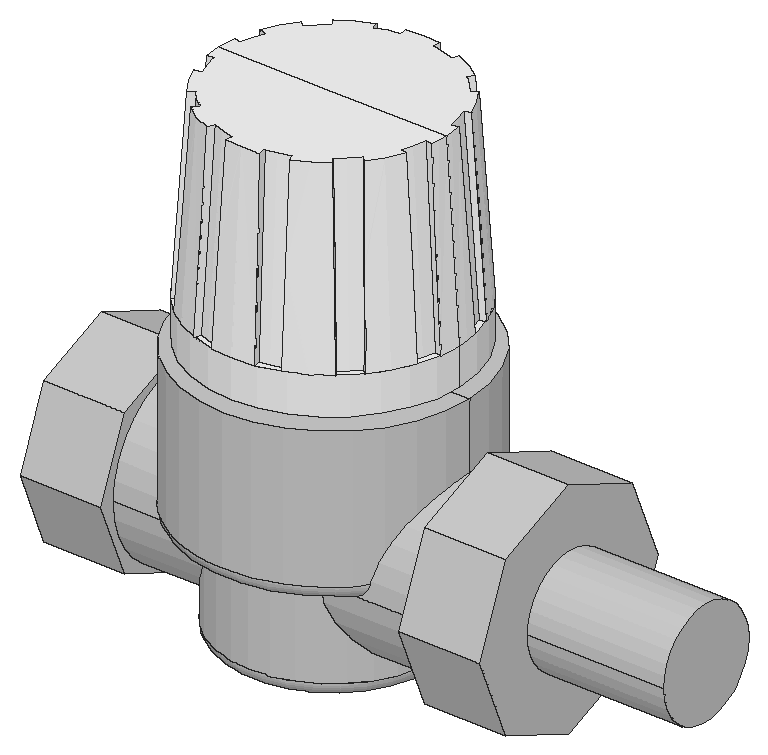
Revit family "PA_Арматура трубопроводов [клапан термостатический прямой, VT.034.N]1 - VALTEC", category Арматура трубопроводов, Revit 2018
Family settings
  Размер круглого соединителя = Использовать диаметр
  Тип детали = Вставляется
  На основе рабочей плоскости = Нет
  Всегда вертикально = Да
  При загрузке вырезать с полостями = Нет
  Общий = Нет
Parameters (values of type "VT.034.N")
  Таблица 2 = "PA_Арматура трубопроводов [клапан термостатический прямой, VT.034.N] - VALTEC - Таблица 2"  # constant formula
  Таблица 1 = "PA_Арматура трубопроводов [клапан термостатический прямой, VT.034.N] - VALTEC - Таблица 1"  # constant formula
  Материал доп.1 = Черный - VALTEC
  Изготовитель = "VALTEC"  # constant formula
  Головка термостатическая [instance] = Колпачок : Колпачок
  r [instance] = size_lookup(Таблица 1, "r", 0 mm, D1)  # 2 mm
  a6 [instance] = size_lookup(Таблица 1, "a6", 0 mm, D1)  # 10.6 mm
  a5 [instance] = size_lookup(Таблица 1, "a5", 0 mm, D1)  # 8.9 mm
  MM_Геометрия [instance] = if(Головка термостатическая = [1!!!НЕ ИЗМЕНЯТЬ!!!], MM_1!!!НЕ ИЗМЕНЯТЬ!!!, if(Головка термостатическая = [2!!!НЕ ИЗМЕНЯТЬ!!!], MM_2!!!НЕ ИЗМЕНЯТЬ!!!, if(Головка термостатическая = [3!!!НЕ ИЗМЕНЯТЬ!!!], MM_3!!!НЕ ИЗМЕНЯТЬ!!!, if(Головка термостатическая = [4!!!НЕ ИЗМЕНЯТЬ!!!], MM_4!!!НЕ ИЗМЕНЯТЬ!!!, if(Головка термостатическая = [5!!!НЕ ИЗМЕНЯТЬ!!!], MM_4!!!НЕ ИЗМЕНЯТЬ!!!, if(Головка термостатическая = [6!!!НЕ ИЗМЕНЯТЬ!!!], MM_5!!!НЕ ИЗМЕНЯТЬ!!!, if(Головка термостатическая = [7!!!НЕ ИЗМЕНЯТЬ!!!], MM_6!!!НЕ ИЗМЕНЯТЬ!!!, if(Головка термостатическая = [8!!!НЕ ИЗМЕНЯТЬ!!!], MM_6!!!НЕ ИЗМЕНЯТЬ!!!, if(Головка термостатическая = [9!!!НЕ ИЗМЕНЯТЬ!!!], MM_6!!!НЕ ИЗМЕНЯТЬ!!!, if(Головка термостатическая = [10!!!НЕ ИЗМЕНЯТЬ!!!], MM_6!!!НЕ ИЗМЕНЯТЬ!!!, if(Головка термостатическая = [11!!!НЕ ИЗМЕНЯТЬ!!!], MM_7!!!НЕ ИЗМЕНЯТЬ!!!, if(Головка термостатическая = [12!!!НЕ ИЗМЕНЯТЬ!!!], MM_7!!!НЕ ИЗМЕНЯТЬ!!!, if(Головка термостатическая = [13!!!НЕ ИЗМЕНЯТЬ!!!], MM_7!!!НЕ ИЗМЕНЯТЬ!!!, MM_8!!!НЕ ИЗМЕНЯТЬ!!!)))))))))))))  # MM_Обобщенные модели [колпачок, VT.033.N] - VALTEC : VT.TE3042.0
  MM_8!!!НЕ ИЗМЕНЯТЬ!!! = MM_Обобщенные модели [колпачок, VT.033.N] - VALTEC : VT.TE3042.0
  MM_7!!!НЕ ИЗМЕНЯТЬ!!! = MM_Обобщенные модели [сервопривод электрический, VT.TE3042] - VALTEC : VT.TE3042.0
  MM_6!!!НЕ ИЗМЕНЯТЬ!!! = MM_Обобщенные модели [сервопривод электрический, VT.TE3040] - VALTEC : VT.TE3040
  MM_5!!!НЕ ИЗМЕНЯТЬ!!! = MM_Обобщенные модели [cервопривод EQUICALOR, VT.AS1000] - VALTEC : VT.AS1000
  MM_4!!!НЕ ИЗМЕНЯТЬ!!! = MM_Обобщенные модели [головка термостатическая жидкостная, VT.5000.0] - VALTEC : VT.5000.0 - VT.5010.0
  MM_3!!!НЕ ИЗМЕНЯТЬ!!! = MM_Обобщенные модели [головка термостатическая жидкостная, VT.3000.0] - VALTEC : VT.3000.0
  MM_2!!!НЕ ИЗМЕНЯТЬ!!! = MM_Обобщенные модели [головка термостатическая жидкостная, VT.1500.0] - VALTEC : VT.1500.0
  MM_1!!!НЕ ИЗМЕНЯТЬ!!! = MM_Обобщенные модели [головка термостатическая твердотельная, VT.1000.0] - VALTEC : VT.1000.0
  ME_Информация [instance] = if(Головка термостатическая = [1!!!НЕ ИЗМЕНЯТЬ!!!], ME_1!!!НЕ ИЗМЕНЯТЬ!!!, if(Головка термостатическая = [2!!!НЕ ИЗМЕНЯТЬ!!!], ME_2!!!НЕ ИЗМЕНЯТЬ!!!, if(Головка термостатическая = [3!!!НЕ ИЗМЕНЯТЬ!!!], ME_3!!!НЕ ИЗМЕНЯТЬ!!!, if(Головка термостатическая = [4!!!НЕ ИЗМЕНЯТЬ!!!], ME_4!!!НЕ ИЗМЕНЯТЬ!!!, if(Головка термостатическая = [5!!!НЕ ИЗМЕНЯТЬ!!!], ME_5!!!НЕ ИЗМЕНЯТЬ!!!, if(Головка термостатическая = [6!!!НЕ ИЗМЕНЯТЬ!!!], ME_6!!!НЕ ИЗМЕНЯТЬ!!!, if(Головка термостатическая = [7!!!НЕ ИЗМЕНЯТЬ!!!], ME_7!!!НЕ ИЗМЕНЯТЬ!!!, if(Головка термостатическая = [8!!!НЕ ИЗМЕНЯТЬ!!!], ME_8!!!НЕ ИЗМЕНЯТЬ!!!, if(Головка термостатическая = [9!!!НЕ ИЗМЕНЯТЬ!!!], ME_9!!!НЕ ИЗМЕНЯТЬ!!!, if(Головка термостатическая = [10!!!НЕ ИЗМЕНЯТЬ!!!], ME_10!!!НЕ ИЗМЕНЯТЬ!!!, if(Головка термостатическая = [11!!!НЕ ИЗМЕНЯТЬ!!!], ME_11!!!НЕ ИЗМЕНЯТЬ!!!, if(Головка термостатическая = [12!!!НЕ ИЗМЕНЯТЬ!!!], ME_12!!!НЕ ИЗМЕНЯТЬ!!!, if(Головка термостатическая = [13!!!НЕ ИЗМЕНЯТЬ!!!], ME_13!!!НЕ ИЗМЕНЯТЬ!!!, ME_14!!!НЕ ИЗМЕНЯТЬ!!!)))))))))))))  # ME_Оборудование [колпачек] - VALTEC : ME_Оборудование [колпачек] - VALTEC
  ME_9!!!НЕ ИЗМЕНЯТЬ!!! = ME_Оборудование [сервопривод электрический, VT.TE3041.0.024] - VALTEC : ME_Оборудование [сервопривод электрический, VT.TE3041.0.024] - VALTEC
  ME_8!!!НЕ ИЗМЕНЯТЬ!!! = ME_Оборудование [сервопривод электрический, VT.TE3040.A.220] - VALTEC : ME_Оборудование [сервопривод электрический, VT.TE3040.A.220] - VALTEC
  ME_7!!!НЕ ИЗМЕНЯТЬ!!! = ME_Оборудование [сервопривод электрический, VT.TE3040.0.220] - VALTEC : ME_Оборудование [сервопривод электрический, VT.TE3040.0.220] - VALTEC
  ME_6!!!НЕ ИЗМЕНЯТЬ!!! = ME_Оборудование [cервопривод EQUICALOR, VT.AS1000] - VALTEC : ME_Оборудование [cервопривод EQUICALOR, VT.AS1000] - VALTEC
  ME_5!!!НЕ ИЗМЕНЯТЬ!!! = ME_Оборудование [головка термостатическая жидкостная, VT.5010.0] - VALTEC : ME_Оборудование [головка термостатическая жидкостная, VT.5010.0] - VALTEC
  ME_4!!!НЕ ИЗМЕНЯТЬ!!! = ME_Оборудование [головка термостатическая жидкостная, VT.5000.0] - VALTEC : ME_Оборудование [головка термостатическая жидкостная, VT.5000.0] - VALTEC
  ME_3!!!НЕ ИЗМЕНЯТЬ!!! = ME_Оборудование [головка термостатическая жидкостная, VT.3000.0] - VALTEC : ME_Оборудование [головка термостатическая жидкостная, VT.3000.0] - VALTEC
  ME_2!!!НЕ ИЗМЕНЯТЬ!!! = ME_Оборудование [головка термостатическая жидкостная, VT.1500.0] - VALTEC : ME_Оборудование [головка термостатическая жидкостная, VT.1500.0] - VALTEC
  ME_14!!!НЕ ИЗМЕНЯТЬ!!! = ME_Оборудование [колпачек] - VALTEC : ME_Оборудование [колпачек] - VALTEC
  ME_13!!!НЕ ИЗМЕНЯТЬ!!! = ME_Оборудование [сервопривод электрический, VT.TE3042.A.220] - VALTEC : ME_Оборудование [сервопривод электрический, VT.TE3042.A.220] - VALTEC
  ME_12!!!НЕ ИЗМЕНЯТЬ!!! = ME_Оборудование [сервопривод электрический, VT.TE3042.0.220] - VALTEC : ME_Оборудование [сервопривод электрический, VT.TE3042.0.220] - VALTEC
  ME_11!!!НЕ ИЗМЕНЯТЬ!!! = ME_Оборудование [сервопривод электрический, VT.TE3042.0.024] - VALTEC : ME_Оборудование [сервопривод электрический, VT.TE3042.0.024] - VALTEC
  ME_10!!!НЕ ИЗМЕНЯТЬ!!! = ME_Оборудование [сервопривод электрический, VT.TE3041.A.024] - VALTEC : ME_Оборудование [сервопривод электрический, VT.TE3041.A.024] - VALTEC
  ME_1!!!НЕ ИЗМЕНЯТЬ!!! = ME_Оборудование [головка термостатическая твердотельная, VT.1000.0] - VALTEC : ME_Оборудование [головка термостатическая твердотельная, VT.1000.0] - VALTEC
  B [instance] = size_lookup(Таблица 1, "B", 0 mm, D1)  # 285 mm
  b3 [instance] = size_lookup(Таблица 1, "b3", 0 mm, D1)  # 1 mm
  b2 [instance] = size_lookup(Таблица 1, "b2", 0 mm, D1)  # 21.8 mm
  d6 [instance] = size_lookup(Таблица 1, "d6", 0 mm, D1)  # 31.8 mm
  d5 [instance] = size_lookup(Таблица 1, "d5", 0 mm, D1)  # 39 mm
  d4 [instance] = size_lookup(Таблица 1, "d4", 0 mm, D1)  # 29.7 mm
  d3 [instance] = size_lookup(Таблица 1, "d3", 0 mm, D1)  # 31.6 mm
  d2 [instance] = size_lookup(Таблица 1, "d2", 0 mm, D1)  # 25 mm
  d1 [instance] = size_lookup(Таблица 1, "d1", 0 mm, D1)  # 29 mm
  D1 [instance] = 15 mm
  b1 [instance] = size_lookup(Таблица 1, "b1", 0 mm, D1)  # 14.9 mm
  a4 [instance] = size_lookup(Таблица 1, "a4", 0 mm, D1)  # 11.5 mm
  a3 [instance] = size_lookup(Таблица 1, "a3", 0 mm, D1)  # 22 mm
  a2 [instance] = size_lookup(Таблица 1, "a2", 0 mm, D1)  # 21.3 mm
  a1 [instance] = size_lookup(Таблица 1, "a1", 0 mm, D1)  # 11.5 mm
  URL = "https://valtec.ru/"
  ADSK_Расход жидкости [instance] = 0.0 L/s
  ADSK_Примечание [instance] = ""
  ADSK_Потеря давления жидкости [instance] = 0.0 Pa
  ADSK_Позиция [instance] = ""
  ADSK_Обозначение [instance] = "VT.034.N"  # constant formula
  ADSK_Наименование [instance] = size_lookup(Таблица 1, "", "Данный типоразмер отсутствует", D1)  # "Клапан термостатический повышенной пропускной способности прямой 1/2\""
  ADSK_Материал = Сталь, нержавеющая - VALTEC
  ADSK_Масса [instance] = if(D1 = 15 mm, 285, if(D1 = 20 mm, 473, 0))  # 285
  ADSK_Марка [instance] = "VT.034.N"  # constant formula
  ADSK_Код изделия [instance] = size_lookup(Таблица 2, "", "Данный типоразмер отсутствует", D1)  # "VT.034.N.04"
  ADSK_Завод-изготовитель [instance] = Изготовитель  # "VALTEC"
  ADSK_Единица измерения [instance] = "шт."  # constant formula
  ADSK_URL страницы изделия = "https://valtec.ru/catalog/radiatornaya_armatura/termostaticheskie_klapany_dlya_radiatorov/klapan_termostaticheskij_povyshennoj_propusknoj_sposobnosti_pryamoj_vt034n.html"
  ADSK_URL документации изделия = "https://valtec.ru/document/technical/VT.33-34-0718.pdf"
  A [instance] = size_lookup(Таблица 1, "A", 0 mm, D1)  # 65 mm
  9!!!НЕ ИЗМЕНЯТЬ!!! = VT.TE3041.0.024 : VT.TE3041.0.024
  8!!!НЕ ИЗМЕНЯТЬ!!! = VT.TE3040.A.220 : VT.TE3040.A.220
  7!!!НЕ ИЗМЕНЯТЬ!!! = VT.TE3040.0.220 : VT.TE3040.0.220
  6!!!НЕ ИЗМЕНЯТЬ!!! = VT.AS1000 : VT.AS1000
  5!!!НЕ ИЗМЕНЯТЬ!!! = VT.5010.0.0 : VT.5010.0.0
  4!!!НЕ ИЗМЕНЯТЬ!!! = VT.5000.0.0 : VT.5000.0.0
  3!!!НЕ ИЗМЕНЯТЬ!!! = VT.3000.0.0 : VT.3000.0.0
  2!!!НЕ ИЗМЕНЯТЬ!!! = VT.1500.0.0 : VT.1500.0.0
  14!!!НЕ ИЗМЕНЯТЬ!!! = Колпачок : Колпачок
  13!!!НЕ ИЗМЕНЯТЬ!!! = VT.TE3042.A.220 : VT.TE3042.A.220
  12!!!НЕ ИЗМЕНЯТЬ!!! = VT.TE3042.0.220 : VT.TE3042.0.220
  11!!!НЕ ИЗМЕНЯТЬ!!! = VT.TE3042.0.024 : VT.TE3042.0.024
  10!!!НЕ ИЗМЕНЯТЬ!!! = VT.TE3041.A.024 : VT.TE3041.A.024
  1!!!НЕ ИЗМЕНЯТЬ!!! = VT.1000.0.0 : VT.1000.0.0
Reference planes
  plane 1 "По центру (Вперед/Назад)": y = 0
  plane 2: z = 0
  plane 3 "По центру (Влево/Вправо)": x = 0
  plane 4: z = 22.8
  plane 5: x = 22
  plane 6: z = -14.9
  plane 7: z = 21.8
  plane 8: x = 33.5
  plane 9: x = 42.4
  plane 10: x = -21.3
  plane 11: x = -32.8
  plane 12: x = -19.5
  plane 13: x = -14.85
  plane 14: x = 19.5
  plane 15: x = 14.85
  plane 16: x = 53
Forms (mm)
  Extrusion 1, solid, material "Сталь, нержавеющая - VALTEC" <- "ADSK_Материал", detail levels medium+fine
    sketch origin (0, 0, 0) x (0, 1, 0) y (0, 0, 1)
      loop
        circle (0, 0) r 12.5
    from -21.3 to 22
  Extrusion 2, solid, material "Сталь, нержавеющая - VALTEC" <- "ADSK_Материал", detail levels medium+fine
    sketch origin (0, 0, 0) x (0, 1, 0) y (0, 0, 1)
      loop
        circle (0, 0) r 7.5
    from 33.5 to 53
  Extrusion 3, solid, material "Черный - VALTEC" <- "Материал доп.1", detail levels medium+fine
    sketch origin (0, 0, 0) x (1, 0, 0) y (0, 1, 0)
      loop
        circle (0, 0) r 15.9
    from 21.8 to 22.8
  Revolve 4, solid, material "Сталь, нержавеющая - VALTEC" <- "ADSK_Материал", detail levels medium+fine
    sketch origin (0, 0, 0) x (1, 0, 0) y (0, 0, 1)
      loop
        line (0, 21.8) -> (-19.5, 21.8) -> (-19.5, 2)
        arc (-19.5, 2) -> (-18.914, 0.586) -> (-17.5, 0) r 2
        line (-17.5, 0) -> (-14.85, 0) -> (-14.85, -12.9)
        arc (-14.85, -12.9) -> (-14.264, -14.314) -> (-12.85, -14.9) r 2
        line (-12.85, -14.9) -> (0, -14.9) -> (0, 21.8)
      axis (0, 21.8) -> (0, -14.9)
    angle from 0 to 360
Cuts and joins
  joined: Extrusion 1, Extrusion 2, Revolve 4
Lines and regions (mm)
  reference lines
    curve 1: line (-32.8, 0, 0) -> (42.4, 0, 0)
  symbolic lines, detail levels coarse
    curve 2: line (-32.8, 0, -15) -> (-32.8, 0, 15)
    curve 3: line (42.4, 0, -15) -> (42.4, 0, 15)
    curve 4: line (-32.8, 0, -15) -> (42.4, 0, 15)
    curve 5: line (-32.8, 0, 15) -> (42.4, 0, -15)
    curve 6: line (5, 0, 0) -> (5, 0, 54.1)
    curve 7: line (5, 0, 0) -> (-5, 0, 17.321)
    curve 8: line (5, 0, 0) -> (15, 0, 17.321)
    curve 9: line (42.4, 0, 0) -> (53, 0, 0)
  model lines, detail levels coarse
    curve 10: line (-32.8, -15, 0) -> (-32.8, 15, 0)
    curve 11: line (42.4, -15, 0) -> (42.4, 15, 0)
    curve 12: line (53, 0, 0) -> (42.4, 0, 0)
    curve 13: line (42.4, 15, 0) -> (-32.8, -15, 0)
    curve 14: line (-32.8, 15, 0) -> (42.4, -15, 0)
    curve 15: line (4.8, 0, 0) -> (4.8, 54.1, 0)
    curve 16: line (4.8, 0, 0) -> (-5.2, 17.321, 0)
    curve 17: line (4.8, 0, 0) -> (14.8, 17.321, 0)
Dimensions and locks
  "b3": plane 4 to plane 7
  "b2": plane 7 to plane 2
  "b1": plane 2 to plane 6
  "a1": plane 11 to plane 10
  "a2": plane 10 to plane 3 "По центру (Влево/Вправо)"
  "a3": plane 5 to plane 3 "По центру (Влево/Вправо)"
  "a4": plane 5 to plane 8
  "a5": plane 8 to plane 9
  equal spacing: plane 12, plane 3 "По центру (Влево/Вправо)", plane 14
  equal spacing: plane 13, plane 3 "По центру (Влево/Вправо)", plane 15
  "d5": plane 12 to plane 14
  "d4": plane 13 to plane 15
  "a6": plane 9 to plane 16
  "d2": diameter of Extrusion 1 sketch curve
  "D1": diameter of Extrusion 2 sketch curve
  "d6": diameter of Extrusion 3 sketch curve
  "r": radius of Revolve 4 sketch curve  (x2)
  aligned and locked: level to plane 2
  aligned and locked: plane 1 "По центру (Вперед/Назад)" to nested 1
  aligned and locked: plane 11 to nested 1
  aligned and locked: plane 1 "По центру (Вперед/Назад)" to nested 2
  aligned and locked: nested 2 to plane 8
  aligned and locked: plane 1 "По центру (Вперед/Назад)" to Extrusion 1 sketch curve
  aligned and locked: level to Extrusion 1 sketch curve
  aligned and locked: plane 1 "По центру (Вперед/Назад)" to Extrusion 2 sketch curve
  aligned and locked: level to Extrusion 2 sketch curve
  aligned and locked: plane 10 to Extrusion 1
  aligned and locked: Extrusion 1 to plane 5
  aligned and locked: plane 8 to Extrusion 2
  aligned and locked: plane 1 "По центру (Вперед/Назад)" to Extrusion 3 sketch curve
  aligned and locked: plane 3 "По центру (Влево/Вправо)" to Extrusion 3 sketch curve
  aligned and locked: Extrusion 3 to plane 7
  aligned and locked: plane 4 to Extrusion 3
  aligned and locked: Revolve 4 sketch curve to plane 7
  aligned and locked: Revolve 4 sketch curve to plane 3 "По центру (Влево/Вправо)"  (x2)
  aligned and locked: plane 6 to Revolve 4 sketch curve
  aligned and locked: Revolve 4 sketch curve to plane 12
  aligned and locked: Revolve 4 sketch curve to plane 13
  aligned and locked: level to Revolve 4 sketch curve
  aligned and locked: plane 1 "По центру (Вперед/Назад)" to nested 4
  aligned and locked: nested 4 to plane 3 "По центру (Влево/Вправо)"
  aligned and locked: nested 3 to plane 1 "По центру (Вперед/Назад)"
  aligned and locked: plane 3 "По центру (Влево/Вправо)" to nested 3
  aligned and locked: plane 4 to nested 3
  aligned and locked: cut or joined group of Extrusion 1, Extrusion 2, Revolve 4 to plane 16
  aligned and locked: plane 11 to curve 1
  aligned and locked: plane 9 to curve 1
  aligned and locked: curve 1 to level
  aligned and locked: plane 16 to curve 9
  aligned and locked: plane 9 to curve 12
  aligned and locked: plane 16 to curve 12
  aligned and locked: curve 12 to plane 1 "По центру (Вперед/Назад)"
  aligned and locked: curve 2 to plane 11
  aligned and locked: curve 3 to plane 9
  aligned and locked: curve 10 to plane 11
  aligned and locked: curve 11 to plane 9
Automatic sketch dimensions
  curve 7 to level = 0 mm
  curve 9 to level = 0 mm
  plane 3 "По центру (Влево/Вправо)" to curve 7 = 5 mm
  curve 2 to plane 6 = 0.1 mm
  curve 3 to plane 6 = 0.1 mm
  curve 4 to plane 7 = 6.8 mm
  curve 2 to plane 7 = 6.8 mm
  curve 7 to plane 3 "По центру (Влево/Вправо)" = 5 mm
  plane 15 to curve 8 = 0.15 mm
  curve 8 to plane 7 = 4.479 mm
  curve 7 to plane 7 = 4.479 mm
  plane 4 to curve 6 = 31.3 mm
  plane 1 "По центру (Вперед/Назад)" to curve 17 = 0 mm
  plane 1 "По центру (Вперед/Назад)" to curve 16 = 0 mm
  plane 1 "По центру (Вперед/Назад)" to curve 15 = 0 mm
  plane 3 "По центру (Влево/Вправо)" to curve 16 = 4.8 mm
  curve 15 to curve 16 = 0 mm
  plane 1 "По центру (Вперед/Назад)" to curve 14 = 15 mm
  plane 1 "По центру (Вперед/Назад)" to curve 13 = 15 mm
  curve 16 to plane 3 "По центру (Влево/Вправо)" = 5.2 mm
  curve 17 to plane 15 = 0.05 mm
  curve 17 to plane 1 "По центру (Вперед/Назад)" = 17.321 mm
  curve 16 to plane 1 "По центру (Вперед/Назад)" = 17.321 mm
  curve 17 to curve 15 = 36.779 mm
  Revolve 4 sketch curve to plane 6 = 2185.315 mm
  plane 4 to Revolve 4 sketch curve = 2191.515 mm
Nested families
  nested 1: "Гайка - горизонталь" at (-27.05, 0, 0), B <- "a1", ADSK_Материал <- "ADSK_Материал", d3 <- "d1", type "Гайка - горизонталь", detail levels medium+fine
    with hr 26.793 mm, d3 29 mm, B 11.5 mm, ADSK_Материал Сталь, нержавеющая - VALTEC
  nested 2: "Гайка - горизонталь" at (27.75, 0, 0), B <- "a4", ADSK_Материал <- "ADSK_Материал", d3 <- "d3", type "Гайка - горизонталь", detail levels medium+fine
    with hr 29.195 mm, d3 31.6 mm, B 11.5 mm, ADSK_Материал Сталь, нержавеющая - VALTEC
  nested 3: "MM_Обобщенные модели [колпачок, VT.033.N] - VALTEC" at (0, 0, 22.8), type <- "MM_Геометрия", type "VT.TE3042.0", detail levels medium+fine
  nested 4: "ME_Оборудование [колпачек] - VALTEC" at (0, 0, 0), type <- "ME_Информация", type "ME_Оборудование [колпачек] - VALTEC", detail levels medium
    with ADSK_Примечание "", ADSK_Позиция "", ADSK_Обозначение "VT.1000.0", ADSK_Наименование "Головка термостатическая твердотельная ", ADSK_Масса 0, ADSK_Код изделия "VT.1000.0.0", ADSK_Завод-изготовитель "VALTEC", ADSK_Единица измерения "шт."
Connectors
  piping at (-32.8, 0, 0), diameter 15, driven by "D1", driven by "ADSK_Расход жидкости", driven by "ADSK_Потеря давления жидкости"
    settings: on curve 1, index 1, connector inside diameter 609.6 mm, connector length 0 mm, flow factor 0, pipe flow 0.0 L/s, pressure drop 0.0 Pa, fitting loss kfactor 0, connector angle 0.00°, fixture units 0, engagement length 0 mm, angle of deflection 0.00°, flow configuration 0, flow direction 1, fitting loss method 4, system type 7, joint type 0, gender type 0, connector reference index 2, connector utility 0, adjustable connector no, is connector primary yes, connector description ""
  piping at (42.4, 0, 0), diameter 15, driven by "D1", driven by "ADSK_Расход жидкости"
    settings: on curve 1, index 2, connector inside diameter 609.6 mm, connector length 0 mm, flow factor 0, pipe flow 0.0 L/s, pressure drop 0.0 Pa, fitting loss kfactor 0, connector angle 0.00°, fixture units 0, engagement length 0 mm, angle of deflection 0.00°, flow configuration 0, flow direction 2, fitting loss method 0, system type 7, joint type 0, gender type 0, connector reference index 1, connector utility 0, adjustable connector no, is connector primary no, connector description ""
Definition of nested family "Гайка - горизонталь"
  Parameters (values of type "Гайка - горизонталь")
    hr [instance] = d3 / 2 * cos(180.00° / 8) * 2  # 588.881 mm
    d3 [instance] = 637.4 mm
    B [instance] = 637.4 mm
    ADSK_Материал [instance] = none
  Reference planes
    plane 1 "По центру (Вперед/Назад)": y = 0
    plane 2: z = 0
    plane 3 "По центру (Влево/Вправо)": x = 0
    plane 4: y = 318.7
    plane 5: y = -318.7
    plane 6: through (0, -912.519, 2972.425) normal (0, -0.9239, -0.3827)
    plane 7: through (0, -1234.338, 2979.956) normal (0, -0.9239, -0.3827)
    plane 8: through (0, -1556.157, 2987.486) normal (0, -0.9239, -0.3827)
    plane 9: through (0, 1234.338, 2979.956) normal (0, -0.9239, 0.3827)
    plane 10: through (0, -2420.114, 1321.144) normal (0, -0.3827, -0.9239)
    plane 11: through (0, -2532.792, 1049.117) normal (0, -0.3827, -0.9239)
    plane 12: through (0, -2645.469, 777.089) normal (0, -0.3827, -0.9239)
    plane 13: through (0, 2420.114, 1321.144) normal (0, -0.3827, 0.9239)
    plane 14: through (0, 2532.792, 1049.117) normal (0, -0.3827, 0.9239)
    plane 15: through (0, 2645.469, 777.089) normal (0, -0.3827, 0.9239)
    plane 16: through (0, 912.519, 2972.425) normal (0, -0.9239, 0.3827)
    plane 17: through (0, 1234.338, 2979.956) normal (0, -0.9239, 0.3827)
    plane 18: through (0, 1556.157, 2987.486) normal (0, -0.9239, 0.3827)
    plane 19: x = 318.7
    plane 20: x = -318.7
  Forms (mm)
    Extrusion 1, solid, material <- "ADSK_Материал"
      sketch origin (0, 0, 0) x (0, 1, 0) y (0, 0, 1)
        loop
          line (0, 318.7) -> (-225.355, 225.355) -> (-318.7, 0) -> (-225.355, -225.355) -> (0, -318.7) -> (225.355, -225.355) -> (318.7, 0) -> (225.355, 225.355) -> (0, 318.7)
      from -318.7 to 318.7
  Dimensions and locks
    equal spacing: plane 4, plane 1 "По центру (Вперед/Назад)", plane 5
    "d3": plane 4 to plane 5
    equal spacing: plane 8, plane 7, plane 6
    "hr": plane 8 to plane 6
    equal spacing: plane 12, plane 11, plane 10
    "hr": plane 12 to plane 10
    equal spacing: plane 15, plane 14, plane 13
    "hr": plane 15 to plane 13
    equal spacing: plane 18, plane 17, plane 16
    "hr": plane 18 to plane 16
    equal spacing: plane 20, plane 3 "По центру (Влево/Вправо)", plane 19
    "B": plane 20 to plane 19
    aligned and locked: level to plane 2
    aligned and locked: plane 10 to Extrusion 1 sketch curve
    aligned and locked: plane 13 to Extrusion 1 sketch curve
    aligned and locked: plane 16 to Extrusion 1 sketch curve
    aligned and locked: Extrusion 1 sketch curve to plane 8
    aligned and locked: Extrusion 1 sketch curve to plane 12
    aligned and locked: Extrusion 1 sketch curve to plane 15
    aligned and locked: Extrusion 1 sketch curve to plane 18
    aligned and locked: plane 6 to Extrusion 1 sketch curve
    aligned and locked: plane 19 to Extrusion 1
    aligned and locked: plane 20 to Extrusion 1
    aligned and locked: Extrusion 1 to plane 19
Definition of nested family "MM_Обобщенные модели [колпачок, VT.033.N] - VALTEC"
  Parameters (values of type "VT.TE3042.0")
    Manufacturer = ""
    URL = ""
    ADSK_Материал = none
  Reference planes
    plane 1 "По центру (Вперед/Назад)": y = 0
    plane 2: z = 0
    plane 3 "По центру (Влево/Вправо)": x = 0
    plane 4: z = 31.3
    plane 5: y = 5.5
    plane 6: y = -5.5
    plane 7: z = 5.3
    plane 8: x = -18
    plane 9: x = -16.15
    plane 10: x = 18
    plane 11: x = 16.15
  Forms (mm)
    Revolve 1, solid, material <- "ADSK_Материал"
      sketch origin (0, 0, 0) x (1, 0, 0) y (0, 0, 1)
        loop
          line (-18, 5.3) -> (-18, 0) -> (0, 0) -> (0, 31.3) -> (-16.15, 31.3) -> (-18, 5.3)
        axis (0, 31.3) -> (0, 0)
      angle from 0 to 360
    Blend 2, void
      base sketch origin (0, 0, 0) x (1, 0, 0) y (0, 1, 0)
        loop
          line (-18.697, 3.228) -> (-16.84, 2.907)
          arc (-16.84, 2.907) -> (-16.511, 4.424) -> (-16.037, 5.902) r 16.15
          line (-16.037, 5.902) -> (-17.809, 6.554)
          arc (-17.809, 6.554) -> (-18.333, 4.912) -> (-18.697, 3.228) r 18
      top sketch origin (0, 0, 0) x (1, 0, 0) y (0, 1, 0)
        loop
          arc (-15.66, 6.09) -> (-16.219, 4.347) -> (-16.576, 2.551) r 16.15
          line (-16.576, 2.551) -> (-15, 2.308)
          arc (-15, 2.308) -> (-14.665, 3.93) -> (-14.145, 5.501) r 14.25
          line (-14.145, 5.501) -> (-15.66, 6.09)
      from 5.3 to 31.3
    Blend 3, void
      base sketch origin (0, 0, 0) x (0.866025, -0.5, 0) y (0.5, 0.866025, 0)
        loop
          line (-18.697, 3.228) -> (-16.84, 2.907)
          arc (-16.84, 2.907) -> (-16.511, 4.424) -> (-16.037, 5.902) r 16.15
          line (-16.037, 5.902) -> (-17.809, 6.554)
          arc (-17.809, 6.554) -> (-18.333, 4.912) -> (-18.697, 3.228) r 18
      top sketch origin (0, 0, 0) x (0.866025, -0.5, 0) y (0.5, 0.866025, 0)
        loop
          arc (-15.66, 6.09) -> (-16.219, 4.347) -> (-16.576, 2.551) r 16.15
          line (-16.576, 2.551) -> (-15, 2.308)
          arc (-15, 2.308) -> (-14.665, 3.93) -> (-14.145, 5.501) r 14.25
          line (-14.145, 5.501) -> (-15.66, 6.09)
      from 5.3 to 31.3
    Blend 4, void
      base sketch origin (0, 0, 0) x (0.5, -0.866025, 0) y (0.866025, 0.5, 0)
        loop
          line (-18.697, 3.228) -> (-16.84, 2.907)
          arc (-16.84, 2.907) -> (-16.511, 4.424) -> (-16.037, 5.902) r 16.15
          line (-16.037, 5.902) -> (-17.809, 6.554)
          arc (-17.809, 6.554) -> (-18.333, 4.912) -> (-18.697, 3.228) r 18
      top sketch origin (0, 0, 0) x (0.5, -0.866025, 0) y (0.866025, 0.5, 0)
        loop
          arc (-15.66, 6.09) -> (-16.219, 4.347) -> (-16.576, 2.551) r 16.15
          line (-16.576, 2.551) -> (-15, 2.308)
          arc (-15, 2.308) -> (-14.665, 3.93) -> (-14.145, 5.501) r 14.25
          line (-14.145, 5.501) -> (-15.66, 6.09)
      from 5.3 to 31.3
    Blend 5, void
      base sketch origin (0, 0, 0) x (0, -1, 0) y (1, 0, 0)
        loop
          line (-18.697, 3.228) -> (-16.84, 2.907)
          arc (-16.84, 2.907) -> (-16.511, 4.424) -> (-16.037, 5.902) r 16.15
          line (-16.037, 5.902) -> (-17.809, 6.554)
          arc (-17.809, 6.554) -> (-18.333, 4.912) -> (-18.697, 3.228) r 18
      top sketch origin (0, 0, 0) x (0, -1, 0) y (1, 0, 0)
        loop
          arc (-15.66, 6.09) -> (-16.219, 4.347) -> (-16.576, 2.551) r 16.15
          line (-16.576, 2.551) -> (-15, 2.308)
          arc (-15, 2.308) -> (-14.665, 3.93) -> (-14.145, 5.501) r 14.25
          line (-14.145, 5.501) -> (-15.66, 6.09)
      from 5.3 to 31.3
    Blend 6, void
      base sketch origin (0, 0, 0) x (-0.5, -0.866025, 0) y (0.866025, -0.5, 0)
        loop
          line (-18.697, 3.228) -> (-16.84, 2.907)
          arc (-16.84, 2.907) -> (-16.511, 4.424) -> (-16.037, 5.902) r 16.15
          line (-16.037, 5.902) -> (-17.809, 6.554)
          arc (-17.809, 6.554) -> (-18.333, 4.912) -> (-18.697, 3.228) r 18
      top sketch origin (0, 0, 0) x (-0.5, -0.866025, 0) y (0.866025, -0.5, 0)
        loop
          arc (-15.66, 6.09) -> (-16.219, 4.347) -> (-16.576, 2.551) r 16.15
          line (-16.576, 2.551) -> (-15, 2.308)
          arc (-15, 2.308) -> (-14.665, 3.93) -> (-14.145, 5.501) r 14.25
          line (-14.145, 5.501) -> (-15.66, 6.09)
      from 5.3 to 31.3
    Blend 7, void
      base sketch origin (0, 0, 0) x (-0.866025, -0.5, 0) y (0.5, -0.866025, 0)
        loop
          line (-18.697, 3.228) -> (-16.84, 2.907)
          arc (-16.84, 2.907) -> (-16.511, 4.424) -> (-16.037, 5.902) r 16.15
          line (-16.037, 5.902) -> (-17.809, 6.554)
          arc (-17.809, 6.554) -> (-18.333, 4.912) -> (-18.697, 3.228) r 18
      top sketch origin (0, 0, 0) x (-0.866025, -0.5, 0) y (0.5, -0.866025, 0)
        loop
          arc (-15.66, 6.09) -> (-16.219, 4.347) -> (-16.576, 2.551) r 16.15
          line (-16.576, 2.551) -> (-15, 2.308)
          arc (-15, 2.308) -> (-14.665, 3.93) -> (-14.145, 5.501) r 14.25
          line (-14.145, 5.501) -> (-15.66, 6.09)
      from 5.3 to 31.3
    Blend 8, void
      base sketch origin (0, 0, 0) x (-1, 0, 0) y (0, -1, 0)
        loop
          line (-18.697, 3.228) -> (-16.84, 2.907)
          arc (-16.84, 2.907) -> (-16.511, 4.424) -> (-16.037, 5.902) r 16.15
          line (-16.037, 5.902) -> (-17.809, 6.554)
          arc (-17.809, 6.554) -> (-18.333, 4.912) -> (-18.697, 3.228) r 18
      top sketch origin (0, 0, 0) x (-1, 0, 0) y (0, -1, 0)
        loop
          arc (-15.66, 6.09) -> (-16.219, 4.347) -> (-16.576, 2.551) r 16.15
          line (-16.576, 2.551) -> (-15, 2.308)
          arc (-15, 2.308) -> (-14.665, 3.93) -> (-14.145, 5.501) r 14.25
          line (-14.145, 5.501) -> (-15.66, 6.09)
      from 5.3 to 31.3
    Blend 9, void
      base sketch origin (0, 0, 0) x (-0.866025, 0.5, 0) y (-0.5, -0.866025, 0)
        loop
          line (-18.697, 3.228) -> (-16.84, 2.907)
          arc (-16.84, 2.907) -> (-16.511, 4.424) -> (-16.037, 5.902) r 16.15
          line (-16.037, 5.902) -> (-17.809, 6.554)
          arc (-17.809, 6.554) -> (-18.333, 4.912) -> (-18.697, 3.228) r 18
      top sketch origin (0, 0, 0) x (-0.866025, 0.5, 0) y (-0.5, -0.866025, 0)
        loop
          arc (-15.66, 6.09) -> (-16.219, 4.347) -> (-16.576, 2.551) r 16.15
          line (-16.576, 2.551) -> (-15, 2.308)
          arc (-15, 2.308) -> (-14.665, 3.93) -> (-14.145, 5.501) r 14.25
          line (-14.145, 5.501) -> (-15.66, 6.09)
      from 5.3 to 31.3
    Blend 10, void
      base sketch origin (0, 0, 0) x (-0.5, 0.866025, 0) y (-0.866025, -0.5, 0)
        loop
          line (-18.697, 3.228) -> (-16.84, 2.907)
          arc (-16.84, 2.907) -> (-16.511, 4.424) -> (-16.037, 5.902) r 16.15
          line (-16.037, 5.902) -> (-17.809, 6.554)
          arc (-17.809, 6.554) -> (-18.333, 4.912) -> (-18.697, 3.228) r 18
      top sketch origin (0, 0, 0) x (-0.5, 0.866025, 0) y (-0.866025, -0.5, 0)
        loop
          arc (-15.66, 6.09) -> (-16.219, 4.347) -> (-16.576, 2.551) r 16.15
          line (-16.576, 2.551) -> (-15, 2.308)
          arc (-15, 2.308) -> (-14.665, 3.93) -> (-14.145, 5.501) r 14.25
          line (-14.145, 5.501) -> (-15.66, 6.09)
      from 5.3 to 31.3
    Blend 11, void
      base sketch origin (0, 0, 0) x (0, 1, 0) y (-1, 0, 0)
        loop
          line (-18.697, 3.228) -> (-16.84, 2.907)
          arc (-16.84, 2.907) -> (-16.511, 4.424) -> (-16.037, 5.902) r 16.15
          line (-16.037, 5.902) -> (-17.809, 6.554)
          arc (-17.809, 6.554) -> (-18.333, 4.912) -> (-18.697, 3.228) r 18
      top sketch origin (0, 0, 0) x (0, 1, 0) y (-1, 0, 0)
        loop
          arc (-15.66, 6.09) -> (-16.219, 4.347) -> (-16.576, 2.551) r 16.15
          line (-16.576, 2.551) -> (-15, 2.308)
          arc (-15, 2.308) -> (-14.665, 3.93) -> (-14.145, 5.501) r 14.25
          line (-14.145, 5.501) -> (-15.66, 6.09)
      from 5.3 to 31.3
    Blend 12, void
      base sketch origin (0, 0, 0) x (0.5, 0.866025, 0) y (-0.866025, 0.5, 0)
        loop
          line (-18.697, 3.228) -> (-16.84, 2.907)
          arc (-16.84, 2.907) -> (-16.511, 4.424) -> (-16.037, 5.902) r 16.15
          line (-16.037, 5.902) -> (-17.809, 6.554)
          arc (-17.809, 6.554) -> (-18.333, 4.912) -> (-18.697, 3.228) r 18
      top sketch origin (0, 0, 0) x (0.5, 0.866025, 0) y (-0.866025, 0.5, 0)
        loop
          arc (-15.66, 6.09) -> (-16.219, 4.347) -> (-16.576, 2.551) r 16.15
          line (-16.576, 2.551) -> (-15, 2.308)
          arc (-15, 2.308) -> (-14.665, 3.93) -> (-14.145, 5.501) r 14.25
          line (-14.145, 5.501) -> (-15.66, 6.09)
      from 5.3 to 31.3
    Blend 13, void
      base sketch origin (0, 0, 0) x (0.866025, 0.5, 0) y (-0.5, 0.866025, 0)
        loop
          line (-18.697, 3.228) -> (-16.84, 2.907)
          arc (-16.84, 2.907) -> (-16.511, 4.424) -> (-16.037, 5.902) r 16.15
          line (-16.037, 5.902) -> (-17.809, 6.554)
          arc (-17.809, 6.554) -> (-18.333, 4.912) -> (-18.697, 3.228) r 18
      top sketch origin (0, 0, 0) x (0.866025, 0.5, 0) y (-0.5, 0.866025, 0)
        loop
          arc (-15.66, 6.09) -> (-16.219, 4.347) -> (-16.576, 2.551) r 16.15
          line (-16.576, 2.551) -> (-15, 2.308)
          arc (-15, 2.308) -> (-14.665, 3.93) -> (-14.145, 5.501) r 14.25
          line (-14.145, 5.501) -> (-15.66, 6.09)
      from 5.3 to 31.3
  Cuts and joins
    Blend 2, Blend 3, Blend 4, Blend 5, Blend 6, Blend 7, Blend 8, Blend 9, Blend 10, Blend 11, Blend 12, Blend 13 cuts Revolve 1
  Lines and regions (mm)
    reference lines
      curve 1: line (0, 0, 0) -> (0, 0, 25)
      curve 2: line (0, -12.5, 0) -> (0, 12.5, 0)
      curve 3: line (12.5, 0, 0) -> (-12.5, 0, 0)
  Dimensions and locks
    plane 6 to plane 1 "По центру (Вперед/Назад)" to plane 5 = 5.5 mm locked, 5.5 mm locked
    locked: plane 7 to plane 2 at 5.3
    locked: plane 4 to plane 7 at 26
    locked: plane 3 "По центру (Влево/Вправо)" to plane 9 at 16.15
    locked: plane 3 "По центру (Влево/Вправо)" to plane 8 at 18
    locked: plane 3 "По центру (Влево/Вправо)" to plane 11 at 16.15
    locked: plane 3 "По центру (Влево/Вправо)" to plane 10 at 18
    aligned and locked: level to plane 2
    aligned and locked: plane 9 to Revolve 1 sketch curve
    aligned and locked: plane 7 to Revolve 1 sketch curve
    aligned and locked: plane 3 "По центру (Влево/Вправо)" to Revolve 1 sketch curve
    aligned and locked: plane 4 to Revolve 1 sketch curve
    aligned and locked: Revolve 1 sketch curve to level
    aligned and locked: Revolve 1 sketch curve to plane 8
    aligned and locked: Revolve 1 sketch curve to plane 3 "По центру (Влево/Вправо)"
Definition of nested family "ME_Оборудование [колпачек] - VALTEC"
  Parameters (values of type "ME_Оборудование [колпачек] - VALTEC")
    Manufacturer = "VALTEC"  # constant formula
    URL = "https://valtec.ru/"
    D = 10 mm  # constant formula
    ADSK_Примечание [instance] = ""
    ADSK_Позиция [instance] = ""
    ADSK_Обозначение [instance] = "VT.1000.0"
    ADSK_Наименование [instance] = "Головка термостатическая твердотельная "
    ADSK_Материал = none
    ADSK_Масса [instance] = 0
    ADSK_Код изделия [instance] = "VT.1000.0.0"
    ADSK_Завод-изготовитель [instance] = "VALTEC"  # constant formula
    ADSK_Единица измерения [instance] = "шт."  # constant formula
    ADSK_URL страницы изделия = "https://valtec.ru/catalog/elementy_avtomatiki/termogolovki_i_privody/golovka_termostaticheskaya_tverdotelnaya_vt10000.html"
    ADSK_URL документации изделия = "https://valtec.ru/document/technical/VT.1000-0916.pdf"
  Reference planes
    plane 1 "По центру (Вперед/Назад)": y = 0
    plane 2: z = 0
    plane 3 "По центру (Влево/Вправо)": x = 0
  Forms (mm)
    Revolve 1, solid, material <- "ADSK_Материал"
      sketch origin (0, 0, 0) x (1, 0, 0) y (0, 1, 0)
        loop
          line (0, -5) -> (0, 5)
          arc (0, 5) -> (-5, 0) -> (0, -5) r 5
        axis (0, 5) -> (0, -5)
      angle from 0 to 360
  Lines and regions (mm)
    reference lines
      curve 1: line (0, 5, 0) -> (0, -5, 0)
      curve 2: line (-5, 0, 0) -> (5, 0, 0)
      curve 3: line (0, 0, 5) -> (0, 0, -5)
  Dimensions and locks
    equal spacing: curve 1, plane 1 "По центру (Вперед/Назад)", curve 1
    "D": curve 1 to curve 1
    equal spacing: curve 2, plane 3 "По центру (Влево/Вправо)", curve 2
    "D": curve 2 to curve 2
    equal spacing: curve 3, level, curve 3
    "D": curve 3 to curve 3
    "D": diameter of Revolve 1 sketch curve
    aligned and locked: level to plane 2
    aligned and locked: curve 1 to plane 3 "По центру (Влево/Вправо)"
    aligned and locked: Revolve 1 sketch curve to plane 3 "По центру (Влево/Вправо)"  (x2)
    aligned and locked: plane 1 "По центру (Вперед/Назад)" to curve 2
    aligned and locked: curve 3 to plane 3 "По центру (Влево/Вправо)"
  Automatic sketch dimensions
    plane 1 "По центру (Вперед/Назад)" to Revolve 1 sketch curve = 0 mm
    Revolve 1 sketch curve to Revolve 1 sketch curve = 1995 mm  (x2)
